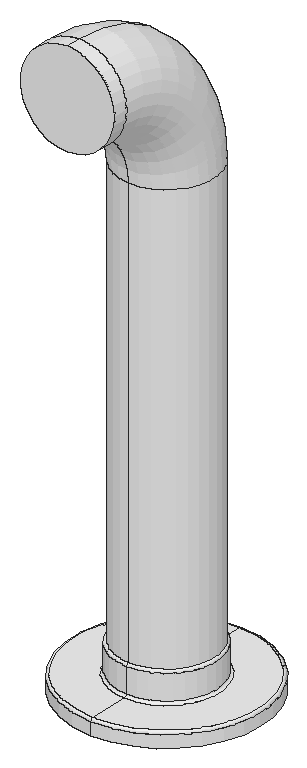
Revit family "Tub_Spout-Wall_Mounted-Waterworks-Flyte", category Plumbing Fixtures, host Face, Revit 2014
Parameters (values of type "Chrome")
  ‌Installation Requirements or Notes = "Unrestricted flow of approximately 12 gallons per minute (gpm)\r"  # constant formula
  Waste Connection = 1 = 0  # no
  Warranty = "http://www.waterworks.com/warranty"
  Version = "2014 - v1.0a"  # constant formula
  Vent Connection = 1 = 0  # no
  Support Phone = "(224) 699-9545"  # constant formula
  Support Email = "mailto:support@anguleris.com"
  Spout Reach = 0' - 7 5/16"  # constant formula
  Model SKU = if(Constraint = 1, "09-48141-36049", if(Constraint = 2, "09-57398-71693", if(Constraint = 3, "09-67403-14558", if(Constraint = 4, "09-03793-57470", "Not Available"))))  # "09-48141-36049"
  Manufacturer Email = "mailto:acallanan@waterworks.com"
  Length = 0' - 2 3/8"  # constant formula
  Keynote = "22 40 00"
  Water Connector = "Inlet - Female NPT"  # constant formula
  Inlet Connection Diameter = 0' - 0 1/2"  # constant formula
  Hot Limit Safety Stop = 1 = 0  # no
  Height = 0' - 2 3/4"  # constant formula
  HW Connection = 1 = 1  # yes
  WFU = 0
  URL = "http://www.waterworks.com/"
  Product Page URL = "http://www.waterworks.com/flyte-wall-mounted-tub-spout-flts80"
  Product Name = if(Constraint = 1, "Flyte Wall Mounted Tub Spout in Chrome", if(Constraint = 2, "Flyte Wall Mounted Tub Spout in Graphite", if(Constraint = 3, "Flyte Wall Mounted Tub Spout in Nickel", if(Constraint = 4, "Flyte Wall Mounted Tub Spout in Unlacquered Brass", "Not Available"))))  # "Flyte Wall Mounted Tub Spout in Chrome"
  Product Documentation Link = "http://assets.waterworks.com/wasset/33/original/35833.pdf"
  Pressure = 45.00 psi
  Model = "FLTS80"  # constant formula
  Material = ""
  Manufacturer Phone Number = "(203)546-6201"  # constant formula
  Manufacturer Address = "60 Backus Avenue, Danbury, CT 06810"  # constant formula
  Manufacturer = "Waterworks"  # constant formula
  HWFU = 0
  Fittings Hole Diameter = 0' - 1 1/4"  # constant formula
  Finish = Metal - Waterworks - Chrome
  Description = if(Constraint = 1, "Wall Mounted Tub Spout in Chrome, Fixed Spray", if(Constraint = 2, "Wall Mounted Tub Spout in Graphite, Fixed Spray", if(Constraint = 3, "Wall Mounted Tub Spout in Nickel, Fixed Spray", if(Constraint = 4, "Wall Mounted Tub Spout in Unlacquered Brass, Fixed Spray", "Not Available"))))  # "Wall Mounted Tub Spout in Chrome, Fixed Spray"
  Depth = 0' - 7 15/16"  # constant formula
  Default Elevation = 2' - 10"
  Copyright = "@2017 Waterworks Operating Company LLC. All rights reserved"  # constant formula
  Constraint = 1
  Code Compliance = "Code # FLTU80:"  # constant formula
  Certification cUPC = 1 = 1  # yes
  Certification State of MA = 1 = 1  # yes
  Certification IAPMO = 1 = 1  # yes
  CWFU = 0
  CW Connection = 1 = 1  # yes
  Assembly Code = "D2010"
  Anti-scald Protection = 1 = 0  # no
  ADA Compliant = 1 = 1  # yes
Types (4): name | Model SKU | Product Name | Finish | Description | Constraint
  Chrome | "09-48141-36049" | "Flyte Wall Mounted Tub Spout in Chrome" | Metal - Waterworks - Chrome | "Wall Mounted Tub Spout in Chrome, Fixed Spray" | 1
  Graphite | "09-57398-71693" | "Flyte Wall Mounted Tub Spout in Graphite" | Metal - Waterworks - Graphite | "Wall Mounted Tub Spout in Graphite, Fixed Spray" | 2
  Nickel | "09-67403-14558" | "Flyte Wall Mounted Tub Spout in Nickel" | Metal - Waterworks - Nickel | "Wall Mounted Tub Spout in Nickel, Fixed Spray" | 3
  Unlacquered Brass | "09-03793-57470" | "Flyte Wall Mounted Tub Spout in Unlacquered Brass" | Metal - Waterworks - Unlacquered Brass | "Wall Mounted Tub Spout in Unlacquered Brass, Fixed Spray" | 4
Reference planes (in)
  plane 1 "Center (Front/Back)": y = 0
  plane 2 "Back": z = 0
  plane 3 "Center (Left/Right)": x = 0
  plane 4 "Left": x = -1.1875
  plane 5 "Right": x = 1.1875
  plane 6 "Bottom": y = -1.5625
  plane 7 "Front": z = 7.9375
  plane 8 "Top": y = 1.1875
Forms (in)
  Revolve 1, solid, material "Metal - Waterworks - Chrome" <- "Finish"
    sketch origin (0, 0, 0) x (0, 1, 0) y (0, 0, 1)
      loop
        line (0, 0) -> (1.1875, 0) -> (1.1875, 0.15625)
        arc (1.1875, 0.15625) -> (1.17835, 0.17835) -> (1.15625, 0.1875) r 0.03125
        line (1.15625, 0.1875) -> (0.65625, 0.1875)
        arc (0.65625, 0.1875) -> (0.63415, 0.19665) -> (0.625, 0.21875) r 0.03125
        line (0.625, 0.21875) -> (0.625, 0.53125)
        arc (0.625, 0.53125) -> (0.61585, 0.55335) -> (0.59375, 0.5625) r 0.03125
        line (0.59375, 0.5625) -> (0.59375, 0.53125) -> (0, 0.53125) -> (0, 0)
      axis (0, 0.5625) -> (0, 0)
    angle from 0 to 360
  Sweep 2, solid, material "Metal - Waterworks - Chrome" <- "Finish"
    path origin (0, 0, 0) x (0, 1, 0) y (0, 0, 1)
      loop
        line (0, 0) -> (0, 5.96875)
        arc (0, 5.96875) -> (-0.40273, 6.94102) -> (-1.375, 7.34375) r 1.375
        line (-1.375, 7.34375) -> (-1.5625, 7.34375)
    profile origin (0, 0, 2.98437) x (0, -1, 0) y (1, 0, 0)
      loop
        circle (0, 0) r 0.59375
Cuts and joins
  joined: Revolve 1, Sweep 2
Lines and regions (in)
  Masking region 1, detail levels coarse
    outline origin (0, 1.1875, 3.625) x (0, 0, -1) y (-1, 0, 0)
      loop
        line (3.625, -1.1875) -> (3.625, 1.1875) -> (3.4375, 1.1875) -> (3.4375, 0.59375) -> (-3.71875, 0.59375)
        arc (-3.71875, 0.59375) -> (-4.3125, 0) -> (-3.71875, -0.59375) r 0.59375
        line (-3.71875, -0.59375) -> (3.4375, -0.59375) -> (3.4375, -1.1875) -> (3.625, -1.1875)
  Masking region 2, detail levels medium+fine
    outline origin (0, 1.1875, 3.625) x (0, 0, -1) y (-1, 0, 0)
      loop
        line (3.625, -1.1875) -> (3.625, 1.1875) -> (3.46875, 1.1875)
        arc (3.46875, 1.1875) -> (3.44665, 1.17835) -> (3.4375, 1.15625) r 0.03125
        line (3.4375, 1.15625) -> (3.4375, 0.65625)
        arc (3.4375, 0.65625) -> (3.42835, 0.63415) -> (3.40625, 0.625) r 0.03125
        line (3.40625, 0.625) -> (3.09375, 0.625)
        arc (3.09375, 0.625) -> (3.07165, 0.61585) -> (3.0625, 0.59375) r 0.03125
        line (3.0625, 0.59375) -> (-3.71875, 0.59375)
        arc (-3.71875, 0.59375) -> (-4.3125, 0) -> (-3.71875, -0.59375) r 0.59375
        line (-3.71875, -0.59375) -> (3.0625, -0.59375)
        arc (3.0625, -0.59375) -> (3.07165, -0.61585) -> (3.09375, -0.625) r 0.03125
        line (3.09375, -0.625) -> (3.40625, -0.625)
        arc (3.40625, -0.625) -> (3.42835, -0.63415) -> (3.4375, -0.65625) r 0.03125
        line (3.4375, -0.65625) -> (3.4375, -1.15625)
        arc (3.4375, -1.15625) -> (3.44665, -1.17835) -> (3.46875, -1.1875) r 0.03125
        line (3.46875, -1.1875) -> (3.625, -1.1875)
  Split face 1
    outline origin (0, 0, 0) x (1, 0, 0) y (0, 1, 0)
      loop
        circle (0.5, 0) r 0.25
  Split face 2
    outline origin (0, 0, 0) x (1, 0, 0) y (0, 1, 0)
      loop
        circle (-0.5, 0) r 0.25
  Split face 3
    outline origin (0, -1.5625, 7.34375) x (1, 0, 0) y (0, 0, 1)
      loop
        circle (0, 0) r 0.53125
  symbolic lines, style "PlumbingFixtures", detail levels fine
    curve 1: line (0.65625, 1.1875, 0.1875) -> (-0.65625, 1.1875, 0.1875)
    curve 2: line (0.59375, 1.1875, 0.5625) -> (-0.59375, 1.1875, 0.5625)
Dimensions and locks (in)
  equal spacing: plane 4 "Left", plane 3 "Center (Left/Right)", plane 5 "Right"
  locked: plane 4 "Left" to plane 5 "Right" at 2.375
  plane 7 "Front" to Sweep 2 sketch curve to Sweep 2 sketch curve = 0' - 0 19/32" locked, 0' - 1 3/8" locked
  locked: plane 1 "Center (Front/Back)" to Sweep 2 sketch curve at 1.375
  plane 8 "Top" to Revolve 1 sketch curve to Revolve 1 sketch curve to Revolve 1 sketch curve to Revolve 1 sketch curve to Revolve 1 sketch curve = 0' - 0 1/32" locked, 0' - 0 1/2" locked, 0' - 0 1/32" locked, 0' - 0 1/32" locked, 0' - 0" locked
  Revolve 1 sketch curve to Revolve 1 sketch curve to Revolve 1 sketch curve to Revolve 1 sketch curve to Revolve 1 sketch curve to plane 2 "Back" = 0' - 0" locked, 0' - 0 5/16" locked, 0' - 0 1/32" locked, 0' - 0 1/32" locked, 0' - 0 5/32" locked
  plane 6 "Bottom" to plane 1 "Center (Front/Back)" to plane 8 "Top" = 0' - 1 9/16" locked, 0' - 1 3/16" locked
  "Depth": plane 7 "Front" to plane 2 "Back"
  plane 3 "Center (Left/Right)" to Split face 1 sketch curve to Split face 1 sketch curve = 0' - 0 1/2" locked, 0' - 0 1/4" locked
  Split face 2 sketch curve to Split face 2 sketch curve to plane 3 "Center (Left/Right)" = 0' - 0 1/4" locked, 0' - 0 1/2" locked
  plane 7 "Front" to Split face 3 sketch curve to Split face 3 sketch curve = 0' - 0 1/16" locked, 0' - 0 17/32" locked
  aligned and locked: host face to plane 2 "Back"
  aligned and locked: level to host face
  aligned and locked: plane 1 "Center (Front/Back)" to Revolve 1 sketch curve  (x2)
  aligned and locked: plane 2 "Back" to Revolve 1 sketch curve
  aligned and locked: Revolve 1 sketch curve to plane 8 "Top"
  aligned and locked: plane 1 "Center (Front/Back)" to Sweep 2 sketch curve
  aligned and locked: plane 2 "Back" to Sweep 2 sketch curve
  aligned and locked: plane 6 "Bottom" to Sweep 2 sketch curve
  aligned and locked: Sweep 2 sketch curve to Revolve 1  (x2)
  aligned and locked: Masking region 1 sketch curve to plane 2 "Back"
  aligned and locked: Masking region 1 sketch curve to plane 5 "Right"
  aligned and locked: plane 4 "Left" to Masking region 1 sketch curve
  aligned and locked: Masking region 1 sketch curve to Sweep 2  (x2)
  aligned and locked: Masking region 2 sketch curve to plane 2 "Back"
  aligned and locked: Masking region 2 sketch curve to plane 5 "Right"
  aligned and locked: plane 4 "Left" to Masking region 2 sketch curve
  aligned and locked: Masking region 2 sketch curve to Sweep 2  (x2)
  aligned and locked: curve 1 to Masking region 2
  aligned and locked: curve 2 to Masking region 2
  aligned and locked: plane 1 "Center (Front/Back)" to Split face 1 sketch curve
  aligned and locked: plane 1 "Center (Front/Back)" to Split face 2 sketch curve
  aligned and locked: plane 3 "Center (Left/Right)" to Split face 3 sketch curve
Automatic sketch dimensions
  host sketch curve to host sketch curve = 6' - 0"  (x2)
  Revolve 1 sketch curve to Revolve 1 sketch curve = 1' - 0"
  plane 7 "Front" to Revolve 1 sketch curve = 1' - 0"
  level to Masking region 1 sketch curve = 0' - 0 3/16"  (x2)
  Masking region 2 sketch curve to plane 5 "Right" = 0' - 0 1/32"
  level to Masking region 2 sketch curve = 0' - 0 5/32"  (x2)
  Masking region 2 sketch curve to Masking region 2 sketch curve = 0' - 0 1/32"  (x5)
  Masking region 2 sketch curve to Masking region 2 sketch curve = 0' - 0 5/16"  (x2)
  curve 1 to plane 5 "Right" = 0' - 0 17/32"
  curve 1 to curve 2 = 0' - 0 1/16"
  curve 2 to plane 3 "Center (Left/Right)" = 0' - 0 19/32"
  curve 2 to curve 1 = 0' - 0 1/16"
Connectors (in)
  piping at (0, 0, 0), diameter 0.5, driven by "Water Connector", driven by "Inlet Connection Diameter"
    settings: on Sweep 2, index 1, connector inside diameter 24", connector length 0' - 0", flow factor 0, pipe flow 2 GPM, pressure drop 0.00 psi, fitting loss kfactor 0, connector angle 0.00°, fixture units 0, engagement length 0' - 0", angle of deflection 0.00°, flow configuration 0, flow direction 1, fitting loss method 0, system type 19, joint type 0, gender type 0, connector reference index -1, connector utility 0, adjustable connector no, is connector primary yes, connector description "Inlet - Female NPT"
